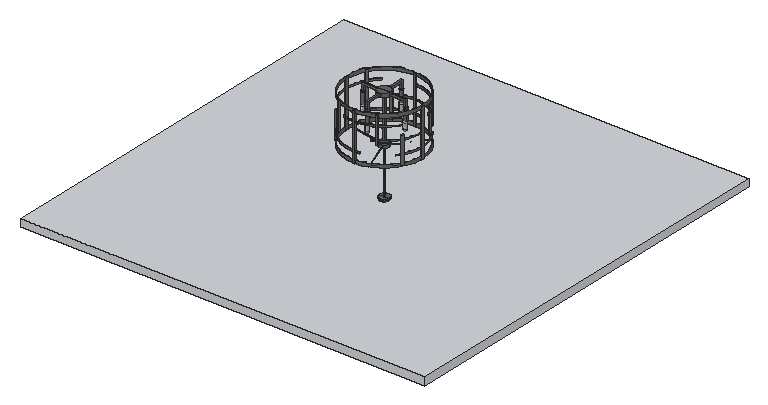
Revit family "P400213-031", category Lighting Fixtures, host Face, Revit 2014
Parameters (values of type "P400213-031")
  Watts = 60 W
  Wattage Comments = "60W"
  Warranty = "1 year Warranty"  # constant formula
  Voltage = 120 V
  URL = "https://www.hubbell.com/progresslighting/en"
  Product Link = "https://www.hubbell.com/progresslighting/en/Products/Lighting-Controls/Design-Series/Chandeliers/Torres-Collection-Black-Four-Light-Chandelier/p/3980541"
  Product Documentation Link = "https://hubbellcdn.com/specsheet/PROG_P400213-031_spec.pdf"
  Power Factor = 1
  Model = "P400213-031"  # constant formula
  Manufacturer = "Progress Lighting"  # constant formula
  Load Classification = Lighting
  Gold = Hubbell - Gold
  Glass = Paint - Hubbell - White Texture
  Width = 6.00"
  Lamp = "LED or Medium Base"  # constant formula
  Housing Material = Paint - Hubbell - Textured Camera Black
  Fixture distribution = "Direct"  # constant formula
  Features = "Handcrafted spires reminiscent of rugged forest surroundings coalesce in a cultivated masterpiece of rustic sophistication.\r\nBeautiful black, hammered edges crisscross in an open-cage design for an organic interpretation of the popular tic-tac-toe pattern.\r\nElevate your mountain modern home décor by incorporating ravishing rustic design in the heart of your home with this chandelier.\r\nIdeal for any foyer, kitchen, or dining room.\r\nPerfect for any modern, rustic, or bohemian settings.\r\nMeasures 18-inch width by 11.62-inch height.\r\nUses four candelabra base bulbs that are sold separately (60w max - LED or incandescent).\r\nAble to be fully dimmable with dimmable bulbs.\r\nIncludes installation instructions and mounting hardware.\r\nProgress Lighting products are designed for exceptional quality, reliability, and functionality."  # constant formula
  Height = 18.00"
  Description = "Elevate your mountain modern home décor by incorporating ravishing rustic design in the heart of your home with this chandelier from the Torres Collection. Handcrafted spires reminiscent of rugged forest surroundings coalesce in a cultivated masterpiece of rustic sophistication. Beautiful black, hammered edges crisscross in an open-cage design for an organize interpretation of the popular tic-tac-toe pattern."  # constant formula
  Default Elevation = 48.00"
  Copyright = " ©2020 Progress Lighting, a division of Hubbell Lighting, Inc"  # constant formula
  Contact = "https://www.hubbell.com/progresslighting/en/contactUs"
  Connector Description = ""
  Assembly Code = "D5020200"
  Apparent Load = Watts / Power Factor  # 60 VA
Reference planes (in)
  plane 1 "Center (Front/Back)": y = 0
  plane 2: z = 0.5561
  plane 3 "Center (Left/Right)": x = 0
  plane 4: y = -9
  plane 5: y = 9
  plane 6: z = 30.74847
  plane 7: x = -9
  plane 8: x = 9
  plane 9: z = 12.1861
  plane 10: z = 23.8161
Forms (in)
  Extrusion 1, solid
    sketch origin (0, 0, 0) x (1, 0, 0) y (0, 1, 0)
      loop
        line (-48, 48) -> (-48, -48) -> (48, -48) -> (48, 48) -> (-48, 48)
    from 0.5561 to -1.25
  Revolve 2, solid, material "Paint - Hubbell - Textured Camera Black" <- "Housing Material"
    sketch origin (0.00307, -0.00024, 29.51348) x (-1, 0, 0) y (0, 0, -1)
      loop
        line (1.25333, 28.51125) -> (1.25333, 28.63092) -> (1.11444, 28.63092) -> (1.11444, 28.98376) -> (0, 28.98376) -> (0, 5.83238) -> (1.5, 5.83238) -> (1.5, 6.57577) -> (0.21062, 6.57577) -> (0.21062, 16.83238) -> (0.96062, 16.83238) -> (0.96062, 17.08238) -> (1.14336, 17.08238) -> (1.14336, 17.58418) -> (0.17863, 17.58418) -> (0.17863, 28.51125) -> (1.25333, 28.51125)
      loop
        line (9.00307, 5.94738) -> (9.00307, 6.66573) -> (8.97121, 6.66573) -> (8.97121, 5.94738) -> (9.00307, 5.94738)
      loop
        line (9.00307, 16.69898) -> (9.00307, 17.41734) -> (8.97121, 17.41734) -> (8.97121, 16.69898) -> (9.00307, 16.69898)
      axis (0, 28.98376) -> (0, 5.83238)
    angle from 0 to 360
  Sweep 3, solid, material "Paint - Hubbell - Textured Camera Black" <- "Housing Material"
    path origin (0, 0, 0) x (1, 0, 0) y (0, 0, 1)
      loop
        line (1.49937, 23.31242) -> (4.99937, 23.31242) -> (4.99937, 21.81242)
    profile origin (3.24937, 0, 23.31242) x (0, 0, 1) y (0, -1, 0)
      loop
        line (-0.19476, 0.20867) -> (-0.19476, -0.23498) -> (0.25369, -0.23498) -> (0.25369, 0.20867) -> (-0.19476, 0.20867)
  Revolve 4, solid, material "Paint - Hubbell - Textured Camera Black" <- "Housing Material"
    sketch origin (0, 0, 1.25) x (1, 0, 0) y (0, 0, 1)
      loop
        line (5.03246, 20.56242) -> (5.03246, 17.53731) -> (5.30384, 17.53731) -> (5.30384, 17.69894) -> (5.38569, 17.69894) -> (5.38569, 20.44894) -> (5.4201, 20.44894)
        arc (5.4201, 20.44894) -> (5.4002, 20.49699) -> (5.35216, 20.51689) r 0.06794
        line (5.35216, 20.51689) -> (5.35216, 20.56242) -> (5.03246, 20.56242)
      axis (5.03246, 20.56242) -> (5.03246, 17.53731)
    angle from 0 to 360
  Revolve 5, solid, material "Paint - Hubbell - White Texture" <- "Glass"
    sketch origin (0, 0, 0) x (1, 0, 0) y (0, 0, 1)
      loop
        line (5.03246, 18.78731) -> (5.03246, 16.68154)
        arc (5.03246, 16.68154) -> (5.37892, 16.80134) -> (5.52593, 17.13716) r 0.45707
        line (5.52593, 17.13716) -> (5.52593, 18.56522)
        arc (5.52593, 18.56522) -> (5.46088, 18.72226) -> (5.30384, 18.78731) r 0.22208
        line (5.30384, 18.78731) -> (5.03246, 18.78731)
      axis (5.03246, 18.78731) -> (5.03246, 16.68154)
    angle from 0 to 360
  Revolve 6, solid, material "Hubbell - Gold" <- "Gold"
    sketch origin (0, 0, 0) x (1, 0, 0) y (0, 0, 1)
      loop
        line (5.03246, 18.78731) -> (5.03246, 18.30267) -> (5.12333, 18.30267)
        arc (5.12333, 18.30267) -> (5.13812, 18.31157) -> (5.13717, 18.32881) r 0.01673
        arc (5.13717, 18.32881) -> (5.12069, 18.36314) -> (5.11503, 18.40079) r 0.1281
        arc (5.11503, 18.40079) -> (5.1355, 18.45022) -> (5.18492, 18.47069) r 0.06989
        line (5.18492, 18.47069) -> (5.18492, 18.78731) -> (5.03246, 18.78731)
      axis (5.03246, 18.78731) -> (5.03246, 18.30267)
    angle from 0 to 360
  Sweep 7, solid, material "Hubbell - Gold" <- "Gold"
    path origin (0, 0, 0) x (1, 0, 0) y (0, 0, 1)
      loop
        line (5.08455, 18.29601) -> (5.32306, 17.06897)
    profile origin (5.2038, 0, 17.68249) x (0.981627, 0, 0.190809) y (0, -1, 0)
      loop
        circle (0, 0.00555) r 0.031
  Sweep 8, solid, material "Hubbell - Gold" <- "Gold"
    path origin (7.55113, 4.35965, 0) x (-0.5, -0.866025, 0) y (0, 0, 1)
      loop
        line (5.08455, 18.29601) -> (5.32306, 17.06897)
    profile origin (4.94923, -0.14698, 17.68249) x (-0.490814, -0.850114, 0.190809) y (-0.866025, 0.5, 0)
      loop
        circle (0, 0.00555) r 0.031
  Sweep 9, solid, material "Hubbell - Gold" <- "Gold"
    path origin (7.56109, -4.3539, 0) x (-0.5, 0.866025, 0) y (0, 0, 1)
      loop
        line (5.08455, 18.29601) -> (5.32306, 17.06897)
    profile origin (4.95918, 0.15273, 17.68249) x (-0.490814, 0.850114, 0.190809) y (0.866025, 0.5, 0)
      loop
        circle (0, 0.00555) r 0.031
  Extrusion 10, solid, material "Paint - Hubbell - Textured Camera Black" <- "Housing Material"
    sketch origin (0, 0, 0) x (0, 1, 0) y (0, 0, 1)
      loop
        line (-0.26802, 23.08354) -> (0.30521, 23.08354) -> (0.30521, 23.62305) -> (-0.26802, 23.62305) -> (-0.26802, 23.08354)
    from 1.49937 to 1.63805
  Sweep 11, solid, material "Paint - Hubbell - Textured Camera Black" <- "Housing Material"
    path origin (0, 0, 0) x (-1, 0, 0) y (0, 0, 1)
      loop
        line (1.49937, 23.31242) -> (4.99937, 23.31242) -> (4.99937, 21.81242)
    profile origin (-3.24937, 0, 23.31242) x (0, 0, -1) y (0, -1, 0)
      loop
        line (0.19476, 0.20867) -> (-0.25369, 0.20867) -> (-0.25369, -0.23498) -> (0.19476, -0.23498) -> (0.19476, 0.20867)
  Revolve 12, solid, material "Paint - Hubbell - Textured Camera Black" <- "Housing Material"
    sketch origin (0, 0, 1.25) x (-1, 0, 0) y (0, 0, 1)
      loop
        line (5.03246, 20.56242) -> (5.03246, 17.53731) -> (5.30384, 17.53731) -> (5.30384, 17.69894) -> (5.38569, 17.69894) -> (5.38569, 20.44894) -> (5.4201, 20.44894)
        arc (5.4201, 20.44894) -> (5.4002, 20.49699) -> (5.35216, 20.51689) r 0.06794
        line (5.35216, 20.51689) -> (5.35216, 20.56242) -> (5.03246, 20.56242)
      axis (5.03246, 20.56242) -> (5.03246, 17.53731)
    angle from 0 to 360
  Revolve 13, solid, material "Paint - Hubbell - White Texture" <- "Glass"
    sketch origin (0, 0, 0) x (-1, 0, 0) y (0, 0, 1)
      loop
        line (5.03246, 18.78731) -> (5.03246, 16.68154)
        arc (5.03246, 16.68154) -> (5.37892, 16.80134) -> (5.52593, 17.13716) r 0.45707
        line (5.52593, 17.13716) -> (5.52593, 18.56522)
        arc (5.52593, 18.56522) -> (5.46088, 18.72226) -> (5.30384, 18.78731) r 0.22208
        line (5.30384, 18.78731) -> (5.03246, 18.78731)
      axis (5.03246, 18.78731) -> (5.03246, 16.68154)
    angle from 0 to 360
  Revolve 14, solid, material "Hubbell - Gold" <- "Gold"
    sketch origin (0, 0, 0) x (-1, 0, 0) y (0, 0, 1)
      loop
        line (5.03246, 18.78731) -> (5.03246, 18.30267) -> (5.12333, 18.30267)
        arc (5.12333, 18.30267) -> (5.13812, 18.31157) -> (5.13717, 18.32881) r 0.01673
        arc (5.13717, 18.32881) -> (5.12069, 18.36314) -> (5.11503, 18.40079) r 0.1281
        arc (5.11503, 18.40079) -> (5.1355, 18.45022) -> (5.18492, 18.47069) r 0.06989
        line (5.18492, 18.47069) -> (5.18492, 18.78731) -> (5.03246, 18.78731)
      axis (5.03246, 18.78731) -> (5.03246, 18.30267)
    angle from 0 to 360
  Sweep 15, solid, material "Hubbell - Gold" <- "Gold"
    path origin (0, 0, 0) x (-1, 0, 0) y (0, 0, 1)
      loop
        line (5.08455, 18.29601) -> (5.32306, 17.06897)
    profile origin (-5.2038, 0, 17.68249) x (0.981627, 0, -0.190809) y (0, -1, 0)
      loop
        circle (0, 0.00555) r 0.031
  Sweep 16, solid, material "Hubbell - Gold" <- "Gold"
    path origin (-7.55113, 4.35965, 0) x (0.5, -0.866025, 0) y (0, 0, -1)
      loop
        line (5.08455, -18.29601) -> (5.32306, -17.06897)
    profile origin (-4.94923, -0.14698, 17.68249) x (-0.490814, 0.850114, -0.190809) y (0.866025, 0.5, 0)
      loop
        circle (0, 0.00555) r 0.031
  Sweep 17, solid, material "Hubbell - Gold" <- "Gold"
    path origin (-7.56109, -4.3539, 0) x (0.5, 0.866025, 0) y (0, 0, -1)
      loop
        line (5.08455, -18.29601) -> (5.32306, -17.06897)
    profile origin (-4.95918, 0.15273, 17.68249) x (-0.490814, -0.850114, -0.190809) y (-0.866025, 0.5, 0)
      loop
        circle (0, 0.00555) r 0.031
  Extrusion 18, solid, material "Paint - Hubbell - Textured Camera Black" <- "Housing Material"
    sketch origin (0, 0, 0) x (0, 1, 0) y (0, 0, -1)
      loop
        line (-0.26802, -23.08354) -> (-0.26802, -23.62305) -> (0.30521, -23.62305) -> (0.30521, -23.08354) -> (-0.26802, -23.08354)
    from 1.49937 to 1.63805
  Sweep 19, solid, material "Paint - Hubbell - Textured Camera Black" <- "Housing Material"
    path origin (0, 0, 0) x (0, -1, 0) y (0, 0, 1)
      loop
        line (1.49937, 23.31242) -> (4.99937, 23.31242) -> (4.99937, 21.81242)
    profile origin (0, -3.24937, 23.31242) x (0, 0, 1) y (-1, 0, 0)
      loop
        line (-0.19476, 0.20867) -> (-0.19476, -0.23498) -> (0.25369, -0.23498) -> (0.25369, 0.20867) -> (-0.19476, 0.20867)
  Revolve 20, solid, material "Paint - Hubbell - Textured Camera Black" <- "Housing Material"
    sketch origin (0, 0, 1.25) x (0, -1, 0) y (0, 0, 1)
      loop
        line (5.03246, 20.56242) -> (5.03246, 17.53731) -> (5.30384, 17.53731) -> (5.30384, 17.69894) -> (5.38569, 17.69894) -> (5.38569, 20.44894) -> (5.4201, 20.44894)
        arc (5.4201, 20.44894) -> (5.4002, 20.49699) -> (5.35216, 20.51689) r 0.06794
        line (5.35216, 20.51689) -> (5.35216, 20.56242) -> (5.03246, 20.56242)
      axis (5.03246, 20.56242) -> (5.03246, 17.53731)
    angle from 0 to 360
  Revolve 21, solid, material "Paint - Hubbell - White Texture" <- "Glass"
    sketch origin (0, 0, 0) x (0, -1, 0) y (0, 0, 1)
      loop
        line (5.03246, 18.78731) -> (5.03246, 16.68154)
        arc (5.03246, 16.68154) -> (5.37892, 16.80134) -> (5.52593, 17.13716) r 0.45707
        line (5.52593, 17.13716) -> (5.52593, 18.56522)
        arc (5.52593, 18.56522) -> (5.46088, 18.72226) -> (5.30384, 18.78731) r 0.22208
        line (5.30384, 18.78731) -> (5.03246, 18.78731)
      axis (5.03246, 18.78731) -> (5.03246, 16.68154)
    angle from 0 to 360
  Revolve 22, solid, material "Hubbell - Gold" <- "Gold"
    sketch origin (0, 0, 0) x (0, -1, 0) y (0, 0, 1)
      loop
        line (5.03246, 18.78731) -> (5.03246, 18.30267) -> (5.12333, 18.30267)
        arc (5.12333, 18.30267) -> (5.13812, 18.31157) -> (5.13717, 18.32881) r 0.01673
        arc (5.13717, 18.32881) -> (5.12069, 18.36314) -> (5.11503, 18.40079) r 0.1281
        arc (5.11503, 18.40079) -> (5.1355, 18.45022) -> (5.18492, 18.47069) r 0.06989
        line (5.18492, 18.47069) -> (5.18492, 18.78731) -> (5.03246, 18.78731)
      axis (5.03246, 18.78731) -> (5.03246, 18.30267)
    angle from 0 to 360
  Sweep 23, solid, material "Hubbell - Gold" <- "Gold"
    path origin (0, 0, 0) x (0, -1, 0) y (0, 0, 1)
      loop
        line (5.08455, 18.29601) -> (5.32306, 17.06897)
    profile origin (0, -5.2038, 17.68249) x (0, -0.981627, 0.190809) y (-1, 0, 0)
      loop
        circle (0, 0.00555) r 0.031
  Sweep 24, solid, material "Hubbell - Gold" <- "Gold"
    path origin (4.35965, -7.55113, 0) x (-0.866025, 0.5, 0) y (0, 0, 1)
      loop
        line (5.08455, 18.29601) -> (5.32306, 17.06897)
    profile origin (-0.14698, -4.94923, 17.68249) x (-0.850114, 0.490814, 0.190809) y (0.5, 0.866025, 0)
      loop
        circle (0, 0.00555) r 0.031
  Sweep 25, solid, material "Hubbell - Gold" <- "Gold"
    path origin (-4.3539, -7.56109, 0) x (0.866025, 0.5, 0) y (0, 0, 1)
      loop
        line (5.08455, 18.29601) -> (5.32306, 17.06897)
    profile origin (0.15273, -4.95918, 17.68249) x (0.850114, 0.490814, 0.190809) y (0.5, -0.866025, 0)
      loop
        circle (0, 0.00555) r 0.031
  Extrusion 26, solid, material "Paint - Hubbell - Textured Camera Black" <- "Housing Material"
    sketch origin (0, 0, 0) x (1, 0, 0) y (0, 0, 1)
      loop
        line (-0.26802, 23.08354) -> (0.30521, 23.08354) -> (0.30521, 23.62305) -> (-0.26802, 23.62305) -> (-0.26802, 23.08354)
    from 1.49937 to 1.63805
  Sweep 27, solid, material "Paint - Hubbell - Textured Camera Black" <- "Housing Material"
    path origin (0, 0, 0) x (0, 1, 0) y (0, 0, -1)
      loop
        line (1.49937, -23.31242) -> (4.99937, -23.31242) -> (4.99937, -21.81242)
    profile origin (0, 3.24937, 23.31242) x (0, 0, -1) y (-1, 0, 0)
      loop
        line (0.19476, 0.20867) -> (-0.25369, 0.20867) -> (-0.25369, -0.23498) -> (0.19476, -0.23498) -> (0.19476, 0.20867)
  Revolve 28, solid, material "Paint - Hubbell - Textured Camera Black" <- "Housing Material"
    sketch origin (0, 0, 1.25) x (0, 1, 0) y (0, 0, -1)
      loop
        line (5.03246, -20.56242) -> (5.35216, -20.56242) -> (5.35216, -20.51689)
        arc (5.35216, -20.51689) -> (5.4002, -20.49699) -> (5.4201, -20.44894) r 0.06794
        line (5.4201, -20.44894) -> (5.38569, -20.44894) -> (5.38569, -17.69894) -> (5.30384, -17.69894) -> (5.30384, -17.53731) -> (5.03246, -17.53731) -> (5.03246, -20.56242)
      axis (5.03246, -20.56242) -> (5.03246, -17.53731)
    angle from 0 to 360
  Revolve 29, solid, material "Paint - Hubbell - White Texture" <- "Glass"
    sketch origin (0, 0, 0) x (0, 1, 0) y (0, 0, -1)
      loop
        line (5.03246, -18.78731) -> (5.30384, -18.78731)
        arc (5.30384, -18.78731) -> (5.46088, -18.72226) -> (5.52593, -18.56522) r 0.22208
        line (5.52593, -18.56522) -> (5.52593, -17.13716)
        arc (5.52593, -17.13716) -> (5.37892, -16.80134) -> (5.03246, -16.68154) r 0.45707
        line (5.03246, -16.68154) -> (5.03246, -18.78731)
      axis (5.03246, -18.78731) -> (5.03246, -16.68154)
    angle from 0 to 360
  Revolve 30, solid, material "Hubbell - Gold" <- "Gold"
    sketch origin (0, 0, 0) x (0, 1, 0) y (0, 0, -1)
      loop
        line (5.03246, -18.78731) -> (5.18492, -18.78731) -> (5.18492, -18.47069)
        arc (5.18492, -18.47069) -> (5.1355, -18.45022) -> (5.11503, -18.40079) r 0.06989
        arc (5.11503, -18.40079) -> (5.12069, -18.36314) -> (5.13717, -18.32881) r 0.1281
        arc (5.13717, -18.32881) -> (5.13812, -18.31157) -> (5.12333, -18.30267) r 0.01673
        line (5.12333, -18.30267) -> (5.03246, -18.30267) -> (5.03246, -18.78731)
      axis (5.03246, -18.78731) -> (5.03246, -18.30267)
    angle from 0 to 360
  Sweep 31, solid, material "Hubbell - Gold" <- "Gold"
    path origin (0, 0, 0) x (0, 1, 0) y (0, 0, -1)
      loop
        line (5.08455, -18.29601) -> (5.32306, -17.06897)
    profile origin (0, 5.2038, 17.68249) x (0, -0.981627, -0.190809) y (-1, 0, 0)
      loop
        circle (0, 0.00555) r 0.031
  Sweep 32, solid, material "Hubbell - Gold" <- "Gold"
    path origin (4.35965, 7.55113, 0) x (-0.866025, -0.5, 0) y (0, 0, -1)
      loop
        line (5.08455, -18.29601) -> (5.32306, -17.06897)
    profile origin (-0.14698, 4.94923, 17.68249) x (0.850114, 0.490814, -0.190809) y (0.5, -0.866025, 0)
      loop
        circle (0, 0.00555) r 0.031
  Sweep 33, solid, material "Hubbell - Gold" <- "Gold"
    path origin (-4.3539, 7.56109, 0) x (0.866025, -0.5, 0) y (0, 0, -1)
      loop
        line (5.08455, -18.29601) -> (5.32306, -17.06897)
    profile origin (0.15273, 4.95918, 17.68249) x (-0.850114, 0.490814, -0.190809) y (0.5, 0.866025, 0)
      loop
        circle (0, 0.00555) r 0.031
  Extrusion 34, solid, material "Paint - Hubbell - Textured Camera Black" <- "Housing Material"
    sketch origin (0, 0, 0) x (1, 0, 0) y (0, 0, -1)
      loop
        line (-0.26802, -23.08354) -> (-0.26802, -23.62305) -> (0.30521, -23.62305) -> (0.30521, -23.08354) -> (-0.26802, -23.08354)
    from 1.49937 to 1.63805
  Sweep 35, solid, material "Paint - Hubbell - Textured Camera Black" <- "Housing Material"
    path origin (0, 0, 0) x (1, 0, 0) y (0, 1, 0)
      loop
        line (0.72102, 0.85212) -> (5.7826, 6.86123)
    profile origin (3.25181, 3.85667, 0) x (-0.764831, 0.644231, 0) y (0, 0, 1)
      loop
        line (0.07033, 12.0625) -> (0.07033, 12.09614) -> (-0.04535, 12.09614) -> (-0.04535, 12.0625) -> (0.07033, 12.0625)
  Sweep 36, solid, material "Paint - Hubbell - Textured Camera Black" <- "Housing Material"
    path origin (0, 0, 0) x (-0.5, -0.866025, 0) y (0.866025, -0.5, 0)
      loop
        line (0.72102, 0.85212) -> (5.7826, 6.86123)
    profile origin (1.71407, -4.74449, 0) x (0.940336, 0.340248, 0) y (0, 0, 1)
      loop
        line (0.07033, 12.0625) -> (0.07033, 12.09614) -> (-0.04535, 12.09614) -> (-0.04535, 12.0625) -> (0.07033, 12.0625)
  Sweep 37, solid, material "Paint - Hubbell - Textured Camera Black" <- "Housing Material"
    path origin (0, 0, 0) x (-0.5, 0.866025, 0) y (-0.866025, -0.5, 0)
      loop
        line (0.72102, 0.85212) -> (5.7826, 6.86123)
    profile origin (-4.96588, 0.88782, 0) x (-0.175504, -0.984479, 0) y (0, 0, 1)
      loop
        line (0.07033, 12.0625) -> (0.07033, 12.09614) -> (-0.04535, 12.09614) -> (-0.04535, 12.0625) -> (0.07033, 12.0625)
  Extrusion 38, solid, material "Paint - Hubbell - Textured Camera Black" <- "Housing Material"
    sketch origin (-0.00531, -0.00692, 0) x (0.866025, -0.5, 0) y (0, 0, 1)
      loop
        line (-0.20552, 23.35329) -> (-0.20552, 16.97114) -> (0.2723, 16.97114) -> (0.2723, 23.35329) -> (-0.20552, 23.35329)
    from 8.88639 to 9.14433
  Extrusion 39, solid, material "Paint - Hubbell - Textured Camera Black" <- "Housing Material"
    sketch origin (0, 0, 0) x (1, 0, 0) y (0, 0, -1)
      loop
        line (-0.20552, -23.35329) -> (0.2723, -23.35329) -> (0.2723, -12.09614) -> (-0.20552, -12.09614) -> (-0.20552, -23.35329)
    from 8.88639 to 9.14433
  Extrusion 40, solid, material "Paint - Hubbell - Textured Camera Black" <- "Housing Material"
    sketch origin (0.03339, 0.03339, 0) x (0, -1, 0) y (0, 0, 1)
      loop
        line (-0.20552, 23.35329) -> (-0.20552, 12.09614) -> (0.2723, 12.09614) -> (0.2723, 23.35329) -> (-0.20552, 23.35329)
    from 8.88639 to 9.14433
  Extrusion 41, solid, material "Paint - Hubbell - Textured Camera Black" <- "Housing Material"
    sketch origin (0.04031, 0.00531, 0) x (-0.5, -0.866025, 0) y (0, 0, 1)
      loop
        line (-0.20552, 23.35329) -> (-0.20552, 16.97114) -> (0.2723, 16.97114) -> (0.2723, 23.35329) -> (-0.20552, 23.35329)
    from 8.88639 to 9.14433
  Extrusion 42, solid, material "Paint - Hubbell - Textured Camera Black" <- "Housing Material"
    sketch origin (-0.00805, -0.00334, 0) x (0.5, -0.866025, 0) y (0, 0, 1)
      loop
        line (-0.20552, 12.47132) -> (0.2723, 12.47132) -> (0.2723, 18.85348) -> (-0.20552, 18.85348) -> (-0.20552, 12.47132)
    from 8.88639 to 9.14433
  Extrusion 43, solid, material "Paint - Hubbell - Textured Camera Black" <- "Housing Material"
    sketch origin (-0.00334, 0.00805, 0) x (-0.866025, -0.5, 0) y (0, 0, 1)
      loop
        line (-0.20552, 12.47132) -> (0.2723, 12.47132) -> (0.2723, 18.85348) -> (-0.20552, 18.85348) -> (-0.20552, 12.47132)
    from 8.88639 to 9.14433
  Extrusion 44, solid, material "Paint - Hubbell - Textured Camera Black" <- "Housing Material"
    sketch origin (0.00531, -0.00692, 0) x (-0.866025, -0.5, 0) y (0, 0, -1)
      loop
        line (-0.20552, -23.35329) -> (0.2723, -23.35329) -> (0.2723, -16.97114) -> (-0.20552, -16.97114) -> (-0.20552, -23.35329)
    from 8.88639 to 9.14433
  Extrusion 45, solid, material "Paint - Hubbell - Textured Camera Black" <- "Housing Material"
    sketch origin (-0.03339, 0.03339, 0) x (0, -1, 0) y (0, 0, -1)
      loop
        line (-0.20552, -23.35329) -> (0.2723, -23.35329) -> (0.2723, -12.09614) -> (-0.20552, -12.09614) -> (-0.20552, -23.35329)
    from 8.88639 to 9.14433
  Extrusion 46, solid, material "Paint - Hubbell - Textured Camera Black" <- "Housing Material"
    sketch origin (-0.04031, 0.00531, 0) x (0.5, -0.866025, 0) y (0, 0, -1)
      loop
        line (-0.20552, -23.35329) -> (0.2723, -23.35329) -> (0.2723, -16.97114) -> (-0.20552, -16.97114) -> (-0.20552, -23.35329)
    from 8.88639 to 9.14433
  Extrusion 47, solid, material "Paint - Hubbell - Textured Camera Black" <- "Housing Material"
    sketch origin (0.00805, -0.00334, 0) x (-0.5, -0.866025, 0) y (0, 0, -1)
      loop
        line (-0.20552, -12.47132) -> (-0.20552, -18.85348) -> (0.2723, -18.85348) -> (0.2723, -12.47132) -> (-0.20552, -12.47132)
    from 8.88639 to 9.14433
  Extrusion 48, solid, material "Paint - Hubbell - Textured Camera Black" <- "Housing Material"
    sketch origin (0.00334, 0.00805, 0) x (0.866025, -0.5, 0) y (0, 0, -1)
      loop
        line (-0.20552, -12.47132) -> (-0.20552, -18.85348) -> (0.2723, -18.85348) -> (0.2723, -12.47132) -> (-0.20552, -12.47132)
    from 8.88639 to 9.14433
  Extrusion 49, solid, material "Paint - Hubbell - Textured Camera Black" <- "Housing Material"
    sketch origin (0, 0, 0) x (1, 0, 0) y (0, 0, 1)
      loop
        line (-0.20552, 23.35329) -> (-0.20552, 12.09614) -> (0.2723, 12.09614) -> (0.2723, 23.35329) -> (-0.20552, 23.35329)
    from 8.88639 to 9.14433
  Sweep 50, solid, material "Paint - Hubbell - Textured Camera Black" <- "Housing Material"
    path origin (0, 0, 0) x (0.866025, 0.5, 0) y (-0.5, 0.866025, 0)
      loop
        arc (-3.36734, -8.31426) -> (-7.77695, -4.4622) -> (-8.90813, 1.28266) r 9.05614
    profile origin (-4.50394, -7.75286, 0) x (-0.5, -0.866025, 0) y (0, 0, 1)
      loop
        line (0, 14.5) -> (0.031, 14.5) -> (0.031, 14.83425) -> (0, 14.83425) -> (0, 14.5)
  Sweep 51, solid, material "Paint - Hubbell - Textured Camera Black" <- "Housing Material"
    path origin (0, 0, 0) x (-1, 0, 0) y (0, 1, 0)
      loop
        arc (-3.36734, -8.31426) -> (-7.77695, -4.4622) -> (-8.90813, 1.28266) r 9.05614
    profile origin (7.77695, -4.4622, 0) x (-0.866025, 0.5, 0) y (0, 0, 1)
      loop
        line (0, 17.625) -> (0, 17.95925) -> (-0.031, 17.95925) -> (-0.031, 17.625) -> (0, 17.625)
  Sweep 52, solid, material "Paint - Hubbell - Textured Camera Black" <- "Housing Material"
    path origin (0, 0, 0) x (0.5, -0.866025, 0) y (0.866025, 0.5, 0)
      loop
        arc (-3.36734, 8.31426) -> (-7.77695, 4.4622) -> (-8.90813, -1.28266) r 9.05614
    profile origin (-0.02409, 8.96614, 0) x (0, -1, 0) y (0, 0, 1)
      loop
        line (0, 17.625) -> (0, 17.95925) -> (-0.031, 17.95925) -> (-0.031, 17.625) -> (0, 17.625)
  Sweep 53, solid, material "Paint - Hubbell - Textured Camera Black" <- "Housing Material"
    path origin (0, 0, 0) x (0.766044, -0.642788, 0) y (0.642788, 0.766044, 0)
      loop
        arc (-3.36734, -8.31426) -> (-7.77695, -4.4622) -> (-8.90813, 1.28266) r 9.05614
    profile origin (-8.82574, 1.58068, 0) x (-0.984808, 0.173648, 0) y (0, 0, 1)
      loop
        line (0, 20.75) -> (0.031, 20.75) -> (0.031, 21.08425) -> (0, 21.08425) -> (0, 20.75)
  Sweep 54, solid, material "Paint - Hubbell - Textured Camera Black" <- "Housing Material"
    path origin (0, 0, 0) x (-0.939693, -0.34202, 0) y (0.34202, -0.939693, 0)
      loop
        arc (-3.36734, -8.31426) -> (-7.77695, -4.4622) -> (-8.90813, 1.28266) r 9.05614
    profile origin (5.78178, 6.85297, 0) x (0.642788, 0.766044, 0) y (0, 0, 1)
      loop
        line (0, 20.75) -> (0.031, 20.75) -> (0.031, 21.08425) -> (0, 21.08425) -> (0, 20.75)
  Sweep 55, solid, material "Paint - Hubbell - Textured Camera Black" <- "Housing Material"
    path origin (0, 0, 0) x (0.173648, 0.984808, 0) y (-0.984808, 0.173648, 0)
      loop
        arc (-3.36734, -8.31426) -> (-7.77695, -4.4622) -> (-8.90813, 1.28266) r 9.05614
    profile origin (3.04396, -8.43366, 0) x (0.34202, -0.939693, 0) y (0, 0, 1)
      loop
        line (0, 20.75) -> (0.031, 20.75) -> (0.031, 21.08425) -> (0, 21.08425) -> (0, 20.75)
  Sweep 56, solid, material "Paint - Hubbell - Textured Camera Black" <- "Housing Material"
    path origin (0, 0, 0) x (-0.866025, 0.5, 0) y (-0.5, -0.866025, 0)
      loop
        arc (-3.36734, -8.31426) -> (-7.77695, -4.4622) -> (-8.90813, 1.28266) r 9.05614
    profile origin (8.96614, -0.02409, 0) x (1, 0, 0) y (0, 0, 1)
      loop
        line (0, 14.5) -> (0.031, 14.5) -> (0.031, 14.83425) -> (0, 14.83425) -> (0, 14.5)
  Sweep 57, solid, material "Paint - Hubbell - Textured Camera Black" <- "Housing Material"
    path origin (0, 0, 0) x (0, -1, 0) y (1, 0, 0)
      loop
        arc (-3.36734, -8.31426) -> (-7.77695, -4.4622) -> (-8.90813, 1.28266) r 9.05614
    profile origin (-4.4622, 7.77695, 0) x (-0.5, 0.866025, 0) y (0, 0, 1)
      loop
        line (0, 14.5) -> (0.031, 14.5) -> (0.031, 14.83425) -> (0, 14.83425) -> (0, 14.5)
Dimensions and locks (in)
  equal spacing: plane 4, plane 1 "Center (Front/Back)", plane 5
  "Height": plane 4 to plane 5
  equal spacing: plane 8, plane 3 "Center (Left/Right)", plane 7
  plane 8 to plane 7 = 18.00"
  aligned and locked: plane 2 to Extrusion 1
Automatic sketch dimensions
  Extrusion 1 sketch curve to Extrusion 1 sketch curve = 96.00"  (x2)
  Revolve 2 sketch curve to plane 7 = 0.00"  (x2)
  plane 7 to Revolve 2 sketch curve = 0.03186"
  Revolve 2 sketch curve to Revolve 2 sketch curve = 0.03186"
  Revolve 2 sketch curve to plane 3 "Center (Left/Right)" = 1.49693"
  plane 2 to Revolve 2 sketch curve = 0.32646"
  Revolve 2 sketch curve to plane 3 "Center (Left/Right)" = 1.25026"
  Revolve 2 sketch curve to plane 9 = 0.245"
  Revolve 2 sketch curve to plane 3 "Center (Left/Right)" = 1.14029"
  Revolve 2 sketch curve to Revolve 2 sketch curve = 0.1389"
  Revolve 2 sketch curve to Revolve 2 sketch curve = 0.18274"
  Revolve 2 sketch curve to plane 3 "Center (Left/Right)" = 0.20755"
  Revolve 2 sketch curve to plane 3 "Center (Left/Right)" = 0.17556"
  plane 3 "Center (Left/Right)" to Revolve 2 sketch curve = 0.00307"  (x2)
  Revolve 2 sketch curve to plane 9 = 0.495"
  Revolve 2 sketch curve to plane 9 = 0.62839"
  plane 10 to Revolve 2 sketch curve = 0.96836"
  plane 10 to Revolve 2 sketch curve = 0.87839"
  plane 10 to Revolve 2 sketch curve = 0.25"
  plane 10 to Revolve 2 sketch curve = 0.135"
  plane 9 to Revolve 2 sketch curve = 0.08997"
  plane 9 to Revolve 2 sketch curve = 0.2568"
  Revolve 2 sketch curve to Revolve 2 sketch curve = 0.11967"
  Revolve 2 sketch curve to plane 2 = 0.02638"
  Revolve 2 sketch curve to plane 10 = 2.1132"
  Revolve 2 sketch curve to Revolve 2 sketch curve = 0.86708"
  plane 10 to Sweep 3 sketch curve = 0.50369"
  Sweep 3 sketch curve to plane 8 = 4.00063"
  plane 3 "Center (Left/Right)" to Sweep 3 sketch curve = 1.49937"
  Sweep 3 sketch curve to Sweep 3 sketch curve = 1.50"
  profile plane to Sweep 3 sketch curve = 0.19476"
  Sweep 3 sketch curve to profile plane = 0.25369"
  Sweep 3 sketch curve to plane 1 "Center (Front/Back)" = 0.23498"
  plane 1 "Center (Front/Back)" to Sweep 3 sketch curve = 0.20867"
  Revolve 4 sketch curve to plane 8 = 3.96754"
  Revolve 4 sketch curve to Revolve 4 sketch curve = 0.27138"
  Revolve 4 sketch curve to Revolve 4 sketch curve = 0.3197"
  Revolve 4 sketch curve to Revolve 4 sketch curve = 0.03353"
  Revolve 4 sketch curve to Revolve 4 sketch curve = 0.03442"
  plane 10 to Revolve 4 sketch curve = 5.02879"
  Revolve 4 sketch curve to Revolve 4 sketch curve = 0.16164"
  plane 10 to Revolve 4 sketch curve = 2.11716"
  Revolve 4 sketch curve to Revolve 4 sketch curve = 0.04553"
  Revolve 4 sketch curve to Revolve 4 sketch curve = 0.00"  (x2)
  Revolve 4 sketch curve to Revolve 4 sketch curve = 0.97489"
  Revolve 5 sketch curve to plane 8 = 3.96754"
  Revolve 5 sketch curve to Revolve 5 sketch curve = 0.0364"
  Revolve 5 sketch curve to Revolve 5 sketch curve = 0.27138"
  Revolve 5 sketch curve to Revolve 5 sketch curve = 0.45707"
  Revolve 5 sketch curve to plane 9 = 4.49544"
  Revolve 5 sketch curve to Revolve 5 sketch curve = 1.42807"
  Revolve 5 sketch curve to Revolve 5 sketch curve = 0.00"  (x2)
  Revolve 5 sketch curve to plane 9 = 2.10121"
  Revolve 6 sketch curve to plane 8 = 3.96754"
  Revolve 6 sketch curve to Revolve 6 sketch curve = 0.09087"
  Revolve 6 sketch curve to Revolve 6 sketch curve = 0.06159"
  Revolve 6 sketch curve to Revolve 6 sketch curve = 0.0582"
  plane 10 to Revolve 6 sketch curve = 5.51343"
  Revolve 6 sketch curve to Revolve 6 sketch curve = 0.01673"
  Revolve 6 sketch curve to Revolve 6 sketch curve = 0.08139"
  Revolve 6 sketch curve to Revolve 6 sketch curve = 0.06989"
  Revolve 6 sketch curve to Revolve 6 sketch curve = 0.31662"
  Revolve 6 sketch curve to Revolve 6 sketch curve = 0.00"  (x3)
  Revolve 6 sketch curve to Revolve 6 sketch curve = 0.65138"
  Sweep 7 sketch curve to plane 8 = 3.91545"
  Sweep 7 sketch curve to plane 9 = 4.88287"
  Sweep 7 sketch curve to Sweep 7 sketch curve = 0.23851"
  Sweep 7 sketch curve to Sweep 7 sketch curve = 1.22703"
  Sweep 7 sketch curve to profile plane = 0.00"
  plane 1 "Center (Front/Back)" to Sweep 7 sketch curve = 0.00555"
  plane 10 to Sweep 8 sketch curve = 5.5201"
  Sweep 8 sketch curve to plane 9 = 4.88287"
  Sweep 8 sketch curve to Sweep 8 sketch curve = 0.23851"
  profile plane to Sweep 8 sketch curve = 0.00"
  profile plane to Sweep 8 sketch curve = 0.00555"
  plane 10 to Sweep 9 sketch curve = 5.5201"
  Sweep 9 sketch curve to plane 9 = 4.88287"
  Sweep 9 sketch curve to Sweep 9 sketch curve = 0.23851"
  Sweep 9 sketch curve to profile plane = 0.00"
  profile plane to Sweep 9 sketch curve = 0.00555"
  plane 1 "Center (Front/Back)" to Extrusion 10 sketch curve = 0.26802"
  Extrusion 10 sketch curve to plane 1 "Center (Front/Back)" = 0.30521"
  plane 10 to Extrusion 10 sketch curve = 0.73257"
  plane 10 to Extrusion 10 sketch curve = 0.19306"
  Sweep 11 sketch curve to plane 10 = 0.50369"
  Sweep 11 sketch curve to plane 7 = 4.00063"
  plane 3 "Center (Left/Right)" to Sweep 11 sketch curve = 1.49937"
  Sweep 11 sketch curve to Sweep 11 sketch curve = 1.50"
  profile plane to Sweep 11 sketch curve = 0.25369"
  Sweep 11 sketch curve to profile plane = 0.19476"
  Sweep 11 sketch curve to plane 1 "Center (Front/Back)" = 0.23498"
  plane 1 "Center (Front/Back)" to Sweep 11 sketch curve = 0.20867"
  Revolve 12 sketch curve to plane 7 = 3.96754"
  Revolve 12 sketch curve to Revolve 12 sketch curve = 0.27138"
  Revolve 12 sketch curve to Revolve 12 sketch curve = 0.3197"
  Revolve 12 sketch curve to Revolve 12 sketch curve = 0.03353"
  Revolve 12 sketch curve to Revolve 12 sketch curve = 0.03442"
  Revolve 12 sketch curve to plane 10 = 5.02879"
  Revolve 12 sketch curve to Revolve 12 sketch curve = 0.16164"
  Revolve 12 sketch curve to plane 10 = 2.11716"
  Revolve 12 sketch curve to Revolve 12 sketch curve = 0.04553"
  Revolve 12 sketch curve to Revolve 12 sketch curve = 0.00"  (x2)
  Revolve 12 sketch curve to Revolve 12 sketch curve = 0.97489"
  Revolve 13 sketch curve to plane 7 = 3.96754"
  Revolve 13 sketch curve to Revolve 13 sketch curve = 0.0364"
  Revolve 13 sketch curve to Revolve 13 sketch curve = 0.27138"
  Revolve 13 sketch curve to Revolve 13 sketch curve = 0.45707"
  plane 9 to Revolve 13 sketch curve = 4.49544"
  Revolve 13 sketch curve to Revolve 13 sketch curve = 1.42807"
  Revolve 13 sketch curve to Revolve 13 sketch curve = 0.00"  (x2)
  plane 9 to Revolve 13 sketch curve = 2.10121"
  Revolve 14 sketch curve to plane 7 = 3.96754"
  Revolve 14 sketch curve to Revolve 14 sketch curve = 0.09087"
  Revolve 14 sketch curve to Revolve 14 sketch curve = 0.06159"
  Revolve 14 sketch curve to Revolve 14 sketch curve = 0.0582"
  Revolve 14 sketch curve to plane 10 = 5.51343"
  Revolve 14 sketch curve to Revolve 14 sketch curve = 0.01673"
  Revolve 14 sketch curve to Revolve 14 sketch curve = 0.08139"
  Revolve 14 sketch curve to Revolve 14 sketch curve = 0.06989"
  Revolve 14 sketch curve to Revolve 14 sketch curve = 0.31662"
  Revolve 14 sketch curve to Revolve 14 sketch curve = 0.00"  (x3)
  Revolve 14 sketch curve to Revolve 14 sketch curve = 0.65138"
  Sweep 15 sketch curve to plane 7 = 3.91545"
  plane 9 to Sweep 15 sketch curve = 4.88287"
  Sweep 15 sketch curve to Sweep 15 sketch curve = 0.23851"
  Sweep 15 sketch curve to Sweep 15 sketch curve = 1.22703"
  Sweep 15 sketch curve to profile plane = 0.00"
  plane 1 "Center (Front/Back)" to Sweep 15 sketch curve = 0.00555"
  plane 10 to Sweep 16 sketch curve = 5.5201"
  Sweep 16 sketch curve to plane 9 = 4.88287"
  Sweep 16 sketch curve to Sweep 16 sketch curve = 0.23851"
  Sweep 16 sketch curve to profile plane = 0.00"
  profile plane to Sweep 16 sketch curve = 0.00555"
  plane 10 to Sweep 17 sketch curve = 5.5201"
  Sweep 17 sketch curve to plane 9 = 4.88287"
  Sweep 17 sketch curve to Sweep 17 sketch curve = 0.23851"
  profile plane to Sweep 17 sketch curve = 0.00"
  profile plane to Sweep 17 sketch curve = 0.00555"
  plane 1 "Center (Front/Back)" to Extrusion 18 sketch curve = 0.26802"
  Extrusion 18 sketch curve to plane 1 "Center (Front/Back)" = 0.30521"
  plane 10 to Extrusion 18 sketch curve = 0.19306"
  Extrusion 18 sketch curve to Extrusion 18 sketch curve = 0.53951"
  plane 10 to Sweep 19 sketch curve = 0.50369"
  Sweep 19 sketch curve to plane 4 = 4.00063"
  plane 1 "Center (Front/Back)" to Sweep 19 sketch curve = 1.49937"
  Sweep 19 sketch curve to Sweep 19 sketch curve = 1.50"
  profile plane to Sweep 19 sketch curve = 0.19476"
  Sweep 19 sketch curve to profile plane = 0.25369"
  Sweep 19 sketch curve to profile plane = 0.23498"
  profile plane to Sweep 19 sketch curve = 0.20867"
  Revolve 20 sketch curve to plane 4 = 3.96754"
  Revolve 20 sketch curve to Revolve 20 sketch curve = 0.27138"
  Revolve 20 sketch curve to Revolve 20 sketch curve = 0.3197"
  Revolve 20 sketch curve to Revolve 20 sketch curve = 0.03353"
  Revolve 20 sketch curve to Revolve 20 sketch curve = 0.03442"
  plane 10 to Revolve 20 sketch curve = 5.02879"
  Revolve 20 sketch curve to Revolve 20 sketch curve = 0.16164"
  plane 10 to Revolve 20 sketch curve = 2.11716"
  Revolve 20 sketch curve to Revolve 20 sketch curve = 0.04553"
  Revolve 20 sketch curve to Revolve 20 sketch curve = 0.00"  (x2)
  Revolve 20 sketch curve to Revolve 20 sketch curve = 0.97489"
  Revolve 21 sketch curve to plane 4 = 3.96754"
  Revolve 21 sketch curve to Revolve 21 sketch curve = 0.0364"
  Revolve 21 sketch curve to Revolve 21 sketch curve = 0.27138"
  Revolve 21 sketch curve to Revolve 21 sketch curve = 0.45707"
  Revolve 21 sketch curve to plane 9 = 4.49544"
  Revolve 21 sketch curve to Revolve 21 sketch curve = 1.42807"
  Revolve 21 sketch curve to Revolve 21 sketch curve = 0.00"  (x2)
  Revolve 21 sketch curve to plane 9 = 2.10121"
  Revolve 22 sketch curve to plane 4 = 3.96754"
  Revolve 22 sketch curve to Revolve 22 sketch curve = 0.09087"
  Revolve 22 sketch curve to Revolve 22 sketch curve = 0.06159"
  Revolve 22 sketch curve to Revolve 22 sketch curve = 0.0582"
  plane 10 to Revolve 22 sketch curve = 5.51343"
  Revolve 22 sketch curve to Revolve 22 sketch curve = 0.01673"
  Revolve 22 sketch curve to Revolve 22 sketch curve = 0.08139"
  Revolve 22 sketch curve to Revolve 22 sketch curve = 0.06989"
  Revolve 22 sketch curve to Revolve 22 sketch curve = 0.31662"
  Revolve 22 sketch curve to Revolve 22 sketch curve = 0.00"  (x3)
  Revolve 22 sketch curve to Revolve 22 sketch curve = 0.65138"
  Sweep 23 sketch curve to plane 4 = 3.91545"
  Sweep 23 sketch curve to plane 9 = 4.88287"
  Sweep 23 sketch curve to Sweep 23 sketch curve = 0.23851"
  Sweep 23 sketch curve to Sweep 23 sketch curve = 1.22703"
  profile plane to Sweep 23 sketch curve = 0.00"
  profile plane to Sweep 23 sketch curve = 0.00555"
  plane 10 to Sweep 24 sketch curve = 5.5201"
  Sweep 24 sketch curve to plane 9 = 4.88287"
  Sweep 24 sketch curve to Sweep 24 sketch curve = 0.23851"
  Sweep 24 sketch curve to profile plane = 0.00"
  profile plane to Sweep 24 sketch curve = 0.00555"
  plane 10 to Sweep 25 sketch curve = 5.5201"
  Sweep 25 sketch curve to plane 9 = 4.88287"
  Sweep 25 sketch curve to Sweep 25 sketch curve = 0.23851"
  Sweep 25 sketch curve to profile plane = 0.00"
  profile plane to Sweep 25 sketch curve = 0.00555"
  Extrusion 26 sketch curve to plane 3 "Center (Left/Right)" = 0.26802"
  plane 3 "Center (Left/Right)" to Extrusion 26 sketch curve = 0.30521"
  plane 10 to Extrusion 26 sketch curve = 0.73257"
  plane 10 to Extrusion 26 sketch curve = 0.19306"
  plane 10 to Sweep 27 sketch curve = 0.50369"
  plane 5 to Sweep 27 sketch curve = 4.00063"
  Sweep 27 sketch curve to plane 1 "Center (Front/Back)" = 1.49937"
  Sweep 27 sketch curve to Sweep 27 sketch curve = 1.50"
  profile plane to Sweep 27 sketch curve = 0.25369"
  Sweep 27 sketch curve to profile plane = 0.19476"
  Sweep 27 sketch curve to profile plane = 0.23498"
  profile plane to Sweep 27 sketch curve = 0.20867"
  plane 5 to Revolve 28 sketch curve = 3.96754"
  Revolve 28 sketch curve to Revolve 28 sketch curve = 0.27138"
  Revolve 28 sketch curve to Revolve 28 sketch curve = 0.3197"
  Revolve 28 sketch curve to Revolve 28 sketch curve = 0.03353"
  Revolve 28 sketch curve to Revolve 28 sketch curve = 0.03442"
  plane 10 to Revolve 28 sketch curve = 2.00369"
  Revolve 28 sketch curve to Revolve 28 sketch curve = 0.04553"
  Revolve 28 sketch curve to Revolve 28 sketch curve = 2.75"
  Revolve 28 sketch curve to Revolve 28 sketch curve = 0.16164"
  Revolve 28 sketch curve to Revolve 28 sketch curve = 0.00"  (x2)
  Revolve 28 sketch curve to Revolve 28 sketch curve = 0.97489"
  plane 5 to Revolve 29 sketch curve = 3.96754"
  Revolve 29 sketch curve to Revolve 29 sketch curve = 0.0364"
  Revolve 29 sketch curve to Revolve 29 sketch curve = 0.27138"
  Revolve 29 sketch curve to Revolve 29 sketch curve = 0.45707"
  plane 10 to Revolve 29 sketch curve = 5.02879"
  Revolve 29 sketch curve to Revolve 29 sketch curve = 1.42807"
  Revolve 29 sketch curve to Revolve 29 sketch curve = 0.00"  (x2)
  Revolve 29 sketch curve to plane 9 = 2.10121"
  plane 5 to Revolve 30 sketch curve = 3.96754"
  Revolve 30 sketch curve to Revolve 30 sketch curve = 0.09087"
  Revolve 30 sketch curve to Revolve 30 sketch curve = 0.06159"
  Revolve 30 sketch curve to Revolve 30 sketch curve = 0.0582"
  plane 10 to Revolve 30 sketch curve = 5.02879"
  Revolve 30 sketch curve to Revolve 30 sketch curve = 0.31662"
  Revolve 30 sketch curve to Revolve 30 sketch curve = 0.06989"
  Revolve 30 sketch curve to Revolve 30 sketch curve = 0.08139"
  Revolve 30 sketch curve to Revolve 30 sketch curve = 0.01673"
  Revolve 30 sketch curve to Revolve 30 sketch curve = 0.00"  (x3)
  Revolve 30 sketch curve to Revolve 30 sketch curve = 0.65138"
  plane 5 to Sweep 31 sketch curve = 3.91545"
  plane 10 to Sweep 31 sketch curve = 5.5201"
  Sweep 31 sketch curve to Sweep 31 sketch curve = 0.23851"
  Sweep 31 sketch curve to Sweep 31 sketch curve = 1.22703"
  profile plane to Sweep 31 sketch curve = 0.00"
  profile plane to Sweep 31 sketch curve = 0.00555"
  plane 10 to Sweep 32 sketch curve = 5.5201"
  Sweep 32 sketch curve to plane 9 = 4.88287"
  Sweep 32 sketch curve to Sweep 32 sketch curve = 0.23851"
  Sweep 32 sketch curve to profile plane = 0.00"
  profile plane to Sweep 32 sketch curve = 0.00555"
  plane 10 to Sweep 33 sketch curve = 5.5201"
  Sweep 33 sketch curve to plane 9 = 4.88287"
  Sweep 33 sketch curve to Sweep 33 sketch curve = 0.23851"
  Sweep 33 sketch curve to profile plane = 0.00"
  profile plane to Sweep 33 sketch curve = 0.00555"
  Extrusion 34 sketch curve to plane 3 "Center (Left/Right)" = 0.26802"
  plane 3 "Center (Left/Right)" to Extrusion 34 sketch curve = 0.30521"
  plane 10 to Extrusion 34 sketch curve = 0.19306"
  Extrusion 34 sketch curve to Extrusion 34 sketch curve = 0.53951"
  plane 3 "Center (Left/Right)" to Sweep 35 sketch curve = 0.72102"
  Sweep 35 sketch curve to plane 1 "Center (Front/Back)" = 0.85212"
  Sweep 35 sketch curve to plane 8 = 3.2174"
  plane 5 to Sweep 35 sketch curve = 2.13877"
  profile plane to Sweep 35 sketch curve = 0.04535"
  Sweep 35 sketch curve to profile plane = 0.07033"
  level to Sweep 35 sketch curve = 12.0625"
  Sweep 35 sketch curve to Sweep 35 sketch curve = 0.03364"
  plane 3 "Center (Left/Right)" to Sweep 36 sketch curve = 0.37744"
  plane 1 "Center (Front/Back)" to Sweep 36 sketch curve = 1.05048"
  Sweep 36 sketch curve to Sweep 36 sketch curve = 5.06158"
  Sweep 36 sketch curve to Sweep 36 sketch curve = 6.00911"
  profile plane to Sweep 36 sketch curve = 0.04535"
  Sweep 36 sketch curve to profile plane = 0.07033"
  level to Sweep 36 sketch curve = 12.0625"
  Sweep 36 sketch curve to Sweep 36 sketch curve = 0.03364"
  Sweep 37 sketch curve to plane 1 "Center (Front/Back)" = 0.19837"
  Sweep 37 sketch curve to plane 3 "Center (Left/Right)" = 1.09847"
  Sweep 37 sketch curve to Sweep 37 sketch curve = 5.06158"
  Sweep 37 sketch curve to Sweep 37 sketch curve = 6.00911"
  profile plane to Sweep 37 sketch curve = 0.04535"
  Sweep 37 sketch curve to profile plane = 0.07033"
  level to Sweep 37 sketch curve = 12.0625"
  Sweep 37 sketch curve to Sweep 37 sketch curve = 0.03364"
  Extrusion 38 sketch curve to plane 9 = 4.78504"
  Extrusion 38 sketch curve to Extrusion 38 sketch curve = 0.47782"
  plane 10 to Extrusion 38 sketch curve = 0.46281"
  plane 9 to Extrusion 39 sketch curve = 0.08996"
  Extrusion 39 sketch curve to plane 3 "Center (Left/Right)" = 0.20552"
  plane 3 "Center (Left/Right)" to Extrusion 39 sketch curve = 0.2723"
  plane 10 to Extrusion 39 sketch curve = 0.46281"
  plane 9 to Extrusion 40 sketch curve = 0.08996"
  Extrusion 40 sketch curve to plane 1 "Center (Front/Back)" = 0.23891"
  plane 1 "Center (Front/Back)" to Extrusion 40 sketch curve = 0.23891"
  plane 10 to Extrusion 40 sketch curve = 0.46281"
  Extrusion 41 sketch curve to plane 9 = 4.78504"
  Extrusion 41 sketch curve to Extrusion 41 sketch curve = 0.47782"
  plane 10 to Extrusion 41 sketch curve = 0.46281"
  plane 10 to Extrusion 42 sketch curve = 4.96263"
  Extrusion 42 sketch curve to Extrusion 42 sketch curve = 0.47782"
  Extrusion 42 sketch curve to plane 9 = 0.28522"
  plane 10 to Extrusion 43 sketch curve = 4.96263"
  Extrusion 43 sketch curve to Extrusion 43 sketch curve = 0.47782"
  Extrusion 43 sketch curve to plane 9 = 0.28522"
  Extrusion 44 sketch curve to plane 9 = 4.78504"
  Extrusion 44 sketch curve to Extrusion 44 sketch curve = 0.47782"
  plane 10 to Extrusion 44 sketch curve = 0.46281"
  plane 9 to Extrusion 45 sketch curve = 0.08996"
  Extrusion 45 sketch curve to plane 1 "Center (Front/Back)" = 0.23891"
  plane 1 "Center (Front/Back)" to Extrusion 45 sketch curve = 0.23891"
  plane 10 to Extrusion 45 sketch curve = 0.46281"
  Extrusion 46 sketch curve to plane 9 = 4.78504"
  Extrusion 46 sketch curve to Extrusion 46 sketch curve = 0.47782"
  plane 10 to Extrusion 46 sketch curve = 0.46281"
  plane 10 to Extrusion 47 sketch curve = 4.96263"
  Extrusion 47 sketch curve to Extrusion 47 sketch curve = 0.47782"
  Extrusion 47 sketch curve to plane 9 = 0.28522"
  plane 10 to Extrusion 48 sketch curve = 4.96263"
  Extrusion 48 sketch curve to Extrusion 48 sketch curve = 0.47782"
  Extrusion 48 sketch curve to plane 9 = 0.28522"
  plane 9 to Extrusion 49 sketch curve = 0.08996"
  Extrusion 49 sketch curve to plane 3 "Center (Left/Right)" = 0.20552"
  plane 3 "Center (Left/Right)" to Extrusion 49 sketch curve = 0.2723"
  plane 10 to Extrusion 49 sketch curve = 0.46281"
  plane 3 "Center (Left/Right)" to Sweep 51 sketch curve = 0.06589"
  plane 1 "Center (Front/Back)" to Sweep 51 sketch curve = 0.06587"
  plane 4 to Sweep 51 sketch curve = 0.68574"
  Sweep 51 sketch curve to plane 3 "Center (Left/Right)" = 3.36734"
  plane 8 to Sweep 51 sketch curve = 0.09187"
  Sweep 51 sketch curve to profile plane = 0.00"
  Sweep 51 sketch curve to Sweep 51 sketch curve = 0.031"
  level to Sweep 51 sketch curve = 17.625"
  Sweep 51 sketch curve to Sweep 51 sketch curve = 0.33425"
  Sweep 52 sketch curve to plane 3 "Center (Left/Right)" = 0.02409"
  plane 1 "Center (Front/Back)" to Sweep 52 sketch curve = 0.09"
  Sweep 52 sketch curve to Sweep 52 sketch curve = 3.43324"
  Sweep 52 sketch curve to Sweep 52 sketch curve = 8.97402"
  Sweep 52 sketch curve to Sweep 52 sketch curve = 1.21679"
  Sweep 52 sketch curve to profile plane = 0.00"
  Sweep 52 sketch curve to Sweep 52 sketch curve = 0.031"
  level to Sweep 52 sketch curve = 17.625"
  Sweep 52 sketch curve to Sweep 52 sketch curve = 0.33425"
  Sweep 53 sketch curve to plane 1 "Center (Front/Back)" = 0.0081"
  plane 3 "Center (Left/Right)" to Sweep 53 sketch curve = 0.09281"
  Sweep 53 sketch curve to Sweep 53 sketch curve = 3.43324"
  Sweep 53 sketch curve to Sweep 53 sketch curve = 8.97402"
  Sweep 53 sketch curve to Sweep 53 sketch curve = 8.38013"
  Sweep 53 sketch curve to profile plane = 0.00"
  Sweep 53 sketch curve to Sweep 53 sketch curve = 0.031"
  level to Sweep 53 sketch curve = 20.75"
  Sweep 53 sketch curve to Sweep 53 sketch curve = 0.33425"
  Sweep 54 sketch curve to plane 3 "Center (Left/Right)" = 0.03939"
  plane 1 "Center (Front/Back)" to Sweep 54 sketch curve = 0.08443"
  Sweep 54 sketch curve to Sweep 54 sketch curve = 3.43324"
  Sweep 54 sketch curve to Sweep 54 sketch curve = 8.97402"
  Sweep 54 sketch curve to Sweep 54 sketch curve = 8.38013"
  Sweep 54 sketch curve to profile plane = 0.00"
  Sweep 54 sketch curve to Sweep 54 sketch curve = 0.031"
  level to Sweep 54 sketch curve = 20.75"
  Sweep 54 sketch curve to Sweep 54 sketch curve = 0.33425"
  Sweep 55 sketch curve to plane 3 "Center (Left/Right)" = 0.05342"
  Sweep 55 sketch curve to plane 1 "Center (Front/Back)" = 0.07633"
  Sweep 55 sketch curve to Sweep 55 sketch curve = 3.43324"
  Sweep 55 sketch curve to Sweep 55 sketch curve = 8.97402"
  Sweep 55 sketch curve to Sweep 55 sketch curve = 8.38013"
  Sweep 55 sketch curve to profile plane = 0.00"
  Sweep 55 sketch curve to Sweep 55 sketch curve = 0.031"
  level to Sweep 55 sketch curve = 20.75"
  Sweep 55 sketch curve to Sweep 55 sketch curve = 0.33425"
  plane 3 "Center (Left/Right)" to Sweep 50 sketch curve = 0.02413"
  Sweep 50 sketch curve to plane 1 "Center (Front/Back)" = 0.08999"
  Sweep 50 sketch curve to Sweep 50 sketch curve = 3.43324"
  Sweep 50 sketch curve to Sweep 50 sketch curve = 8.97402"
  Sweep 50 sketch curve to Sweep 50 sketch curve = 8.38013"
  Sweep 50 sketch curve to profile plane = 0.00"
  Sweep 50 sketch curve to Sweep 50 sketch curve = 0.031"
  level to Sweep 50 sketch curve = 14.50"
  Sweep 50 sketch curve to Sweep 50 sketch curve = 0.33425"
  plane 1 "Center (Front/Back)" to Sweep 56 sketch curve = 0.02409"
  Sweep 56 sketch curve to plane 3 "Center (Left/Right)" = 0.09"
  Sweep 56 sketch curve to Sweep 56 sketch curve = 3.43324"
  Sweep 56 sketch curve to Sweep 56 sketch curve = 8.97402"
  Sweep 56 sketch curve to Sweep 56 sketch curve = 8.38013"
  profile plane to Sweep 56 sketch curve = 0.00"
  Sweep 56 sketch curve to Sweep 56 sketch curve = 0.031"
  level to Sweep 56 sketch curve = 14.50"
  Sweep 56 sketch curve to Sweep 56 sketch curve = 0.33425"
  plane 1 "Center (Front/Back)" to Sweep 57 sketch curve = 0.06589"
  plane 3 "Center (Left/Right)" to Sweep 57 sketch curve = 0.06587"
  plane 7 to Sweep 57 sketch curve = 0.68574"
  Sweep 57 sketch curve to plane 1 "Center (Front/Back)" = 3.36734"
  plane 5 to Sweep 57 sketch curve = 0.09187"
  Sweep 57 sketch curve to profile plane = 0.00"
  Sweep 57 sketch curve to Sweep 57 sketch curve = 0.031"
  level to Sweep 57 sketch curve = 14.50"
  Sweep 57 sketch curve to Sweep 57 sketch curve = 0.33425"
  radius of Sweep 7 sketch curve = 0.031"
  radius of Sweep 8 sketch curve = 0.031"
  radius of Sweep 9 sketch curve = 0.031"
  radius of Sweep 15 sketch curve = 0.031"
  radius of Sweep 16 sketch curve = 0.031"
  radius of Sweep 17 sketch curve = 0.031"
  radius of Sweep 23 sketch curve = 0.031"
  radius of Sweep 24 sketch curve = 0.031"
  radius of Sweep 25 sketch curve = 0.031"
  radius of Sweep 31 sketch curve = 0.031"
  radius of Sweep 32 sketch curve = 0.031"
  radius of Sweep 33 sketch curve = 0.031"
Nested families (in)
  nested 1: "Light Source" at (-5.14482, 0, 16.5) x (0, -1, 0) z (0, 0, 1), type "Light Source"
  nested 2: "Light Source" at (5.14482, 0, 16.5) x (0, -1, 0) z (0, 0, 1), type "Light Source"
  nested 3: "Light Source" at (0, 5.14482, 16.5) x (-1, 0, 0) z (0, 0, 1), type "Light Source"
  nested 4: "Light Source" at (0, -5.14482, 16.5) x (-1, 0, 0) z (0, 0, 1), type "Light Source"
Connectors (in)
  electrical at (0.00307, -0.00024, 12.4311), driven by "Voltage", driven by "Apparent Load", driven by "Power Factor", driven by "Connector Description", driven by "Load Classification"
    settings: on Revolve 2, index 2, voltage 120 V, apparent load 60 VA, apparent load phase1 0 VA, apparent load phase2 0 VA, apparent load phase3 0 VA, power factor 1, load classification "Lighting", number of poles 1, system type 30, power factor state 1, is connector primary yes, connector utility no, sub classification motor no, connector description ""
Definition of nested family "Light Source"
  Parameters (values of type "Light Source")
    Wattage = 60 W
    built-in parameter 1150110 = 1 (stored number, unit not read)
    built-in parameter 1114217 = 1 (stored number, unit not read)
    Tilt Angle = 60.00°
    built-in parameter 1150109 = 1 (stored number, unit not read)
    built-in parameter 1150134 = 3
    built-in parameter 1150113 = 1 (stored number, unit not read)
    Photometric Web File = "generic"
    built-in parameter 1150142 = (empty or 0)
    built-in parameter 1150105 = 477.46 (stored number, unit not read)
    Lumens = 6000 lm
    built-in parameter 1150115 = 1 (stored number, unit not read)
    built-in parameter 1150137 = (empty or 0)
    built-in parameter 1150139 = (empty or 0)
    built-in parameter 1150112 = 1 (stored number, unit not read)
    built-in parameter 1150114 = 1 (stored number, unit not read)
    built-in parameter 1150132 = (empty or 0)
    built-in parameter 1150102 = (empty or 0)
    built-in parameter 1150107 = 3200 (stored number, unit not read)
    built-in parameter 1150138 = (empty or 0)
    built-in parameter 1150106 = 4.7746 (stored number, unit not read)
    built-in parameter 1150104 = 9.2903 (stored number, unit not read)
    Dimming Lamp Color Temperature Shift = (empty or 0)
    Color Filter = 16777215
    built-in parameter 1114218 = 1 (stored number, unit not read)
    built-in parameter 1150133 = 10 (stored number, unit not read)
  Reference planes (in)
    plane 1 "Center (Front/Back)": y = 0
    plane 2: z = 0
    plane 3 "Center (Left/Right)": x = 0
  Dimensions and locks (in)
    aligned and locked: level to plane 2
